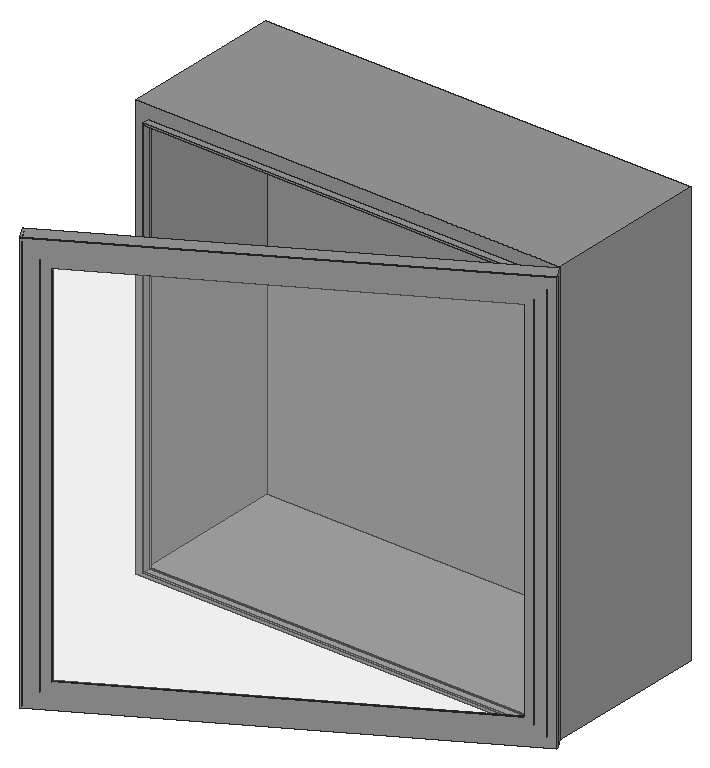
Revit family "Hager-Orion_Inox-IP66-D210-Cl.I-Inox_encl-630A-500mm-NoHosted-CH-en", category Electrical Equipment, Revit 2020
Family settings
  Panel Configuration = Two Columns, Circuits Across
  Round Connector Dimension = Use Diameter
  Part Type = Panelboard
  Work Plane-Based = Yes
  Always vertical = Yes
  Cut with Voids When Loaded = No
  Shared = No
  Room Calculation Point = No
Parameters (values of type "Surface mounted (plaster) IP66 W500 H500 D210  - FL023TWL")
  Width Control [instance] = if([EF000008 - Width] > Min Width, [EF000008 - Width], Min Width)  # 500 mm
  Type Comments = [HG000003 - Range]  # "Orion Inox"
  Thickness Door [instance] = if([EF009171 - Material plate thickness door/cover] > 3 mm, 3 mm, [EF009171 - Material plate thickness door/cover])  # 1.5 mm
  Seal Frame Offset [instance] = 17 mm  # constant formula
  Min Width [instance] = 100 mm  # constant formula
  Min Depth [instance] = (2 * [EF009170 - Material plate thickness cabinet]) + 1 mm  # 4 mm
  Min Height [instance] = 100 mm  # constant formula
  Internal Frame Depth [instance] = -(Door System Depth * 0.5)  # -9 mm
  Panel Name [instance] = ""  # (empty or 0)
  Model = ""
  HG000027 - Plinth height = 0 mm
  HG000026 - Floor standing = no
  HG000024 - Bottom section height = 600 mm
  HG000023 - Double section enclosure = no
  HG000016 - Door 3d visibility [instance] = yes
  HG000015 - Clearance visibility [instance] = no
  HG000014 - Door on the right [instance] = yes
  HG000013 - Door on the left [instance] = not([HG000014 - Door on the right])  # no
  HG000012 - Door swing angle [instance] = 30.00°
  HG000010 - Asymmetric doors = no
  HG000009 - Double swing door = no
  HG000006 - Flush mounted = no
  HG000004 - Manufacturer reference = "FL023TWL"
  HG000003 - Range = "Orion Inox"
  HG000002 - With door or cover = yes
  Frame Offset Bottom [instance] = 10 mm  # constant formula
  Frame Offset [instance] = 15 mm  # constant formula
  EF015940 - Cover with overpressure release = no
  EF011959 - Degree of protection (NEMA) = ""
  EF009554 - Number of openings for flange plates = 0
  EF009212 - Cover model = "EV000116 - Closed"
  EF009171 - Material plate thickness door/cover = 1.5 mm
  EF009170 - Material plate thickness cabinet = 1.5 mm
  EF008873 - Nominal current (In) = 630 A
  EF007800 - Suitable for lightning protection = no
  EF006306 - With lock = yes
  EF006244 - Transparent cover/door = yes
  EF005474 - Degree of protection (IP) = "EV006422 - IP66"
  EF004464 - Type of door = "EV002646 - Single"
  EF004427 - Number of modules = 0
  EF004293 - Impact strength = "EV006814 - IK08"
  EF003532 - Suitable for outdoor use = yes
  EF002950 - Width in number of modular spacings = 0
  EF001613 - Circuit integrity = "EV000494 - None"
  EF001596 - Material housing = "EV000166 - Stainless steel"
  EF001131 - Internal depth = 176 mm
  EF001088 - Extension possible = yes
  EF000437 - Number of conduit inlets = 0
  EF000339 - Type of cover = "EV004216 - Door"
  EF000266 - Number of rows = 0
  EF000218 - Built-in depth = 0 mm
  EF000118 - With mounting plate = no
  EF000116 - RAL-number = ""
  EF000049 - Depth = 210 mm
  EF000040 - Height = 500 mm
  EF000008 - Width = 500 mm
  EF000007 - Colour = "EV000154 - Other"
  EF000003 - Mounting method = "EV000384 - Surface mounted (plaster)"
  Door System Leaf Tolerance [instance] = 1.5 mm  # constant formula
  Door System Depth [instance] = 18 mm  # constant formula
  Description = ""
  Default Elevation = 1219.2 mm
  Connector Offset [instance] = Height Control / 2  # 250 mm
  Manufacturer = "Hager"  # constant formula
  Height Control [instance] = if([EF000040 - Height] > Min Height, [EF000040 - Height], Min Height)  # 500 mm
  Depth Control [instance] = if([EF000049 - Depth] > Min Depth, [EF000049 - Depth], Min Depth)  # 210 mm
Types (8, lengths in mm): name | Width Control | HG000004 - Manufacturer reference | EF009212 - Cover model | EF006306 - With lock | EF006244 - Transparent cover/door | EF004293 - Impact strength | EF001613 - Circuit integrity | EF000008 - Width
  Surface mounted (plaster) IP66 W400 H500 D210  - FL021BW | 400 | "FL021BW" | "EV009916 - With notch" | no | no | "EV008784 - IK10" | "" | 400
  Surface mounted (plaster) IP66 W400 H500 D210  - FL021BWL | 400 | "FL021BWL" | "EV009916 - With notch" | no | no | "EV008784 - IK10" | "" | 400
  Surface mounted (plaster) IP66 W400 H500 D210  - FL021TW | 400 | "FL021TW" | "EV000116 - Closed" | yes | yes | "EV006814 - IK08" | "EV000494 - None" | 400
  Surface mounted (plaster) IP66 W400 H500 D210  - FL021TWL | 400 | "FL021TWL" | "EV000116 - Closed" | yes | yes | "EV006814 - IK08" | "EV000494 - None" | 400
  Surface mounted (plaster) IP66 W500 H500 D210  - FL023BW | 500 | "FL023BW" | "EV000116 - Closed" | yes | no | "EV008784 - IK10" | "EV000494 - None" | 500
  Surface mounted (plaster) IP66 W500 H500 D210  - FL023BWL | 500 | "FL023BWL" | "EV000116 - Closed" | yes | no | "EV008784 - IK10" | "EV000494 - None" | 500
  Surface mounted (plaster) IP66 W500 H500 D210  - FL023TW | 500 | "FL023TW" | "EV000116 - Closed" | yes | yes | "EV006814 - IK08" | "EV000494 - None" | 500
  Surface mounted (plaster) IP66 W500 H500 D210  - FL023TWL | 500 | "FL023TWL" | "EV000116 - Closed" | yes | yes | "EV006814 - IK08" | "EV000494 - None" | 500
Reference planes
  plane 1 "Center (Front/Back)": y = 0
  plane 2: z = 0
  plane 3 "Center (Left/Right)": x = 0
  plane 4: y = 0
  plane 5: y = 0
  plane 6: z = 0
  plane 7: x = -250
  plane 8: x = 250
  plane 9: x = 248.5
  plane 10: x = -248.5
  plane 11: z = 0
  plane 12: z = 1.5
  plane 13: y = -210
  plane 14: y = -1.5
  plane 15: x = 0
  plane 16: y = -192
  plane 17: y = -208.5
  plane 18: y = -190.5
  plane 19: x = -233.5
  plane 20: x = 233.5
  plane 21: z = 11.5
  plane 22: x = -233
  plane 23: x = 233
  plane 24: z = 0
  plane 25: z = 500
  plane 26: z = 500
  plane 27: z = 483.5
  plane 28: z = 498.5
Forms (mm)
  Extrusion 1, solid, material "Hager_Stainless_Steel", detail levels medium+fine
    sketch origin (-208.679, -4572, 0) x (-1, 0, 0) y (0, -1, 0)
      loop
        line (41.321, -4380) -> (-458.679, -4380) -> (-458.679, -4572) -> (41.321, -4572) -> (41.321, -4380)
    from 0 to 500
  Extrusion 2, void
    sketch origin (-350.771, -210, 1219.2) x (1, 0, 0) y (0, 0, 1)
      loop
        line (102.271, -720.7) -> (102.271, -1217.7) -> (599.271, -1217.7) -> (599.271, -720.7) -> (102.271, -720.7)
    from -19.5 to -208.5
  Extrusion 3, void
    sketch origin (-290.084, -192, 1219.2) x (1, 0, 0) y (0, 0, 1)
      loop
        line (56.584, -1207.7) -> (523.584, -1207.7) -> (523.584, -735.7) -> (56.584, -735.7) -> (56.584, -1207.7)
    from 0 to -1.5
  Extrusion 4, solid, material "Hager_Stainless_Steel", detail levels fine
    sketch origin (-290.084, -192, 1219.2) x (-1, 0, 0) y (0, 0, 1)
      loop
        line (-523.584, -1207.7) -> (-56.584, -1207.7) -> (-56.584, -735.7) -> (-523.584, -735.7) -> (-523.584, -1207.7)
      loop
        line (-525.084, -1209.2) -> (-55.084, -1209.2) -> (-55.084, -734.2) -> (-525.084, -734.2) -> (-525.084, -1209.2)
    from 0 to -9 <- "Internal Frame Depth"
  Extrusion 5, solid, material "Hager_Stainless_Steel", detail levels coarse
    sketch origin (0, 0, 0) x (1, 0, 0) y (0, 1, 0)
      loop
        line (-250, 0) -> (-250, -210) -> (250, -210) -> (250, 0) -> (-250, 0)
    from 0 to 500 <- "Height Control"
Cuts and joins
  Extrusion 2, Extrusion 3 cuts Extrusion 1
Lines and regions (mm)
  Masking region 1
    outline origin (0, 0, 0) x (1, 0, 0) y (0, 1, 0)
      loop
        line (-250, 0) -> (-250, -210) -> (250, -210) -> (250, 0) -> (-250, 0)
  Masking region 2
    outline origin (-290.084, -192, 1219.2) x (-1, 0, 0) y (0, 0, 1)
      loop
        line (-540.084, -1219.2) -> (-40.084, -1219.2) -> (-40.084, -719.2) -> (-540.084, -719.2) -> (-540.084, -1219.2)
  Masking region 3, detail levels coarse
    outline origin (0, 0, 0) x (0, 1, 0) y (0, 0, 1)
      loop
        line (0, 0) -> (0, 500) -> (-210, 500) -> (-210, 0) -> (0, 0)
  Masking region 4, detail levels medium+fine
    outline origin (0, 0, 594.038) x (0, 1, 0) y (0, 0, 1)
      loop
        line (0, -594.038) -> (0, -94.038) -> (-192, -94.038) -> (-192, -594.038) -> (0, -594.038)
Dimensions and locks
  locked: plane 1 "Center (Front/Back)" to plane 5
  "EF009170 - Material plate thickness cabinet": plane 7 to plane 10
  "EF009170 - Material plate thickness cabinet": plane 8 to plane 9
  equal spacing: plane 7, plane 3 "Center (Left/Right)", plane 8
  "Width Control": plane 7 to plane 8
  "Depth Control": plane 4 to plane 13
  "EF009170 - Material plate thickness cabinet": plane 4 to plane 14
  "Height Control": plane 25 to level
  "EF009170 - Material plate thickness cabinet": plane 12 to plane 11
  "EF009170 - Material plate thickness cabinet": plane 17 to plane 13
  "EF009170 - Material plate thickness cabinet": plane 18 to plane 16
  "Frame Offset Bottom": plane 21 to plane 12
  "Frame Offset": plane 10 to plane 19
  "Frame Offset": plane 9 to plane 20
  "Door System Depth": plane 16 to plane 13
  "Seal Frame Offset": plane 7 to plane 22
  "Seal Frame Offset": plane 8 to plane 23
  "EF009170 - Material plate thickness cabinet": plane 26 to plane 28
  "Frame Offset": plane 28 to plane 27
  "Connector Offset": plane 2 to connector elem
  "Thickness Door": cut or joined group of Extrusion 1, Extrusion 2, Extrusion 3 to Extrusion 4 sketch curve
  "Thickness Door": Extrusion 4 sketch curve to plane 19
  "Thickness Door": Extrusion 4 sketch curve to plane 20
  "Thickness Door": Extrusion 4 sketch curve to plane 27
  aligned and locked: Extrusion 2 sketch curve to plane 12
  aligned and locked: Extrusion 2 sketch curve to plane 9
  aligned and locked: Extrusion 2 sketch curve to plane 10
  aligned and locked: plane 14 to Extrusion 2
  aligned and locked: plane 4 to Extrusion 1 sketch curve
  aligned and locked: plane 8 to Extrusion 1 sketch curve
  aligned and locked: plane 7 to Extrusion 1 sketch curve
  aligned and locked: Extrusion 2 to plane 18
  aligned and locked: plane 19 to Extrusion 3 sketch curve
  aligned and locked: plane 20 to Extrusion 3 sketch curve
  aligned and locked: Extrusion 3 to Extrusion 2
  aligned and locked: Extrusion 3 sketch curve to plane 21
  aligned and locked: plane 3 "Center (Left/Right)" to nested 1
  aligned and locked: Extrusion 1 sketch curve to plane 16
  aligned and locked: Masking region 1 sketch curve to plane 7
  aligned and locked: Masking region 1 sketch curve to plane 5
  aligned and locked: Masking region 1 sketch curve to plane 8
  aligned and locked: Masking region 2 sketch curve to level
  aligned and locked: level to Masking region 3 sketch curve
  aligned and locked: plane 1 "Center (Front/Back)" to Masking region 3 sketch curve
  aligned and locked: plane 13 to Masking region 3 sketch curve
  aligned and locked: Masking region 2 sketch curve to plane 8
  aligned and locked: Masking region 2 sketch curve to plane 7
  aligned and locked: plane 7 to nested 2
  aligned and locked: nested 2 to plane 5
  aligned and locked: plane 5 to Masking region 4 sketch curve
  aligned and locked: plane 26 to Masking region 4 sketch curve
  aligned and locked: Extrusion 5 sketch curve to plane 8
  aligned and locked: Extrusion 5 sketch curve to plane 7
  aligned and locked: Extrusion 5 sketch curve to plane 5
  aligned and locked: Extrusion 3 sketch curve to plane 27
  aligned and locked: Extrusion 2 sketch curve to plane 28
  aligned and locked: Extrusion 4 sketch curve to plane 27
  aligned and locked: Extrusion 4 sketch curve to plane 20
  aligned and locked: Extrusion 4 sketch curve to plane 21
  aligned and locked: Extrusion 4 sketch curve to plane 19
  aligned and locked: Masking region 2 to plane 25
  aligned and locked: Masking region 4 sketch curve to plane 24
  aligned and locked: Masking region 1 to plane 13
  aligned and locked: nested 1 to plane 16
  aligned and locked: Masking region 3 to plane 25
  aligned and locked: Masking region 4 sketch curve to plane 16
  aligned and locked: plane 24 to plane 11
  aligned and locked: plane 26 to plane 25
  aligned and locked: level to plane 24
  aligned and locked: Extrusion 1 to Masking region 3
  aligned and locked: level to nested 1
Automatic sketch dimensions
  Extrusion 5 sketch curve to plane 13 = 0 mm
  plane 27 to Masking region 2 sketch curve = 16.5 mm
  plane 27 to Masking region 3 sketch curve = 16.5 mm
  Masking region 1 sketch curve to plane 13 = 0 mm
  Extrusion 3 sketch curve to plane 21 = 0 mm
  plane 19 to Extrusion 3 sketch curve = 0 mm
  Extrusion 3 sketch curve to plane 20 = 0 mm
Nested families
  nested 1: "EC000058_OrionInox_Door" at (0, -192, 0), Double <- "HG000009 - Double swing door", Transparent <- "EF006244 - Transparent cover/door", Angle <- "HG000012 - Door swing angle", Door_Right <- "HG000014 - Door on the right", Assymetrical <- "HG000010 - Asymmetric doors", Door <- "HG000002 - With door or cover", Width_Ctrl <- "Width Control", 3d_Door <- "HG000016 - Door 3d visibility", Clearance <- "HG000015 - Clearance visibility", Door_Left <- "HG000013 - Door on the left", Width <- "Width Control", Door_Depth <- "Door System Depth", Leaf_Tolerance <- "Door System Leaf Tolerance", Height <- "Height Control", Thickness <- "Thickness Door", type "EC000058_OrionInox_Door", detail levels medium+fine
    with min_wh 4 mm, Width_Ctrl 500 mm, Width 500 mm, Transparent yes, Thickness 1.5 mm, Seal_Material Hager_Rubber, Leaf_Width 500 mm, Leaf_Tolerance_External_Sides 0 mm, Leaf_Tolerance 1.5 mm, Leaf_Offset 0 mm, Leaf_Height 497 mm, Leaf_2_Width 500 mm, Leaf_2_Offset 250 mm, Leaf_1_Width 500 mm, Leaf_1_Offset 250 mm, Height_Ctrl 500 mm, Height 500 mm, Glass_Material Hager_Glass, Double_Clearance_Ctrl no, Double no, Door_Right_Ctrl yes, Door_Right yes, Door_Material Hager_Stainless_Steel, Door_Left_Ctrl no, Door_Left no, Door_Depth 18 mm, Door yes, Clearance_Material Hager_Clearance, Clearance_Depth 500 mm, Clearance_Ctrl no, Clearance no, Assymetrical no, Angle 30.00°, 3d_Door yes
  nested 2: "Hager_Enclosure_Symbol" at (-250, 0, 0), Height <- "Depth Control", Width <- "Width Control", type "Hager_Enclosure_Symbol"
    with Width_Ctrl 500 mm, Width 500 mm, Height_Ctrl 210 mm, Height 210 mm, A_Width_Int 13.781 mm, A_Width 165.375 mm, A_Height_Ctrl 183.75 mm, A_Height 183.75 mm
Connectors
  electrical at (0, 0, 250)
    settings: on plane 1 "Center (Front/Back)", index 1, voltage 0 V, apparent load 0 VA, apparent load phase1 0 VA, apparent load phase2 0 VA, apparent load phase3 0 VA, power factor 1, load classification "Other", number of poles 1, system type 30, power factor state 1, is connector primary yes, connector utility no, sub classification motor no, connector description ""
Definition of nested family "EC000058_OrionInox_Door"
  Parameters (values of type "EC000058_OrionInox_Door")
    min_wh [instance] = (2 * Thickness) + 1 mm  # 11 mm
    Width_Ctrl [instance] = 400 mm
    Width [instance] = 500 mm
    Transparent [instance] = yes
    Thickness [instance] = 5 mm
    Seal_Material [instance] = none
    Leaf_Width [instance] = if((Width_Ctrl - 2 * Leaf_Tolerance_External_Sides) > 0 mm, (Width_Ctrl - 2 * Leaf_Tolerance_External_Sides), min_wh)  # 400 mm
    Leaf_Tolerance_External_Sides [instance] = 0 mm  # constant formula
    Leaf_Tolerance [instance] = 1.5 mm
    Leaf_Offset [instance] = 0 mm  # constant formula
    Leaf_Height [instance] = if((Height_Ctrl - 2 * Leaf_Tolerance) > 0 mm, (Height_Ctrl - 2 * Leaf_Tolerance), min_wh)  # 497 mm
    Leaf_2_Width [instance] = if(and(and(Double, Assymetrical), Door_Left), (Leaf_Width / 3) - (Leaf_Tolerance / 2), if(and(and(Double, Assymetrical), Door_Right), (Leaf_Width / 3) * 2 - (Leaf_Tolerance / 2), if(and(Double, not(Assymetrical)), (Leaf_Width / 2) - Leaf_Tolerance, Leaf_Width)))  # 400 mm
    Leaf_2_Offset [instance] = if(and(Double, Assymetrical), Leaf_2_Width / 2, if(and(Double, not(Assymetrical)), Leaf_Width / 4, Leaf_Width / 2))  # 200 mm
    Leaf_1_Width [instance] = if(and(and(Double, Assymetrical), Door_Right), (Leaf_Width / 3) - (Leaf_Tolerance / 2), if(and(and(Double, Assymetrical), Door_Left), (Width / 3) * 2 - (Leaf_Tolerance / 2), if(and(Double, not(Assymetrical)), (Leaf_Width / 2) - Leaf_Tolerance, Leaf_Width)))  # 400 mm
    Leaf_1_Offset [instance] = if(and(Double, Assymetrical), Leaf_1_Width / 2, if(and(Double, not(Assymetrical)), Leaf_Width / 4, Leaf_Width / 2))  # 200 mm
    Height_Ctrl [instance] = if(Height > min_wh, Height, min_wh)  # 500 mm
    Height [instance] = 500 mm
    Glass_Material [instance] = none
    Double_Clearance_Ctrl [instance] = and(Double, Clearance)  # no
    Double [instance] = no
    Door_Right_Ctrl [instance] = and(or(Door_Right, Double), Door)  # yes
    Door_Right [instance] = yes
    Door_Material [instance] = none
    Door_Left_Ctrl [instance] = and(or(Door_Left, Double), Door)  # no
    Door_Left [instance] = no
    Door_Depth [instance] = 30 mm
    Door [instance] = yes
    Default Elevation = 1219.2 mm
    Clearance_Material [instance] = none
    Clearance_Depth [instance] = if(Leaf_1_Width > Leaf_2_Width, Leaf_1_Width, Leaf_2_Width)  # 400 mm
    Clearance_Ctrl [instance] = and(not(Double), Clearance)  # yes
    Clearance [instance] = yes
    Assymetrical [instance] = yes
    Angle [instance] = 30.00°
    3d_Door [instance] = yes
  Reference planes
    plane 1 "Center (Front/Back)": y = 0
    plane 2 "Bottom": z = 0
    plane 3 "Center (Left/Right)": x = 0
    plane 4: z = 500
    plane 5: x = -200
    plane 6: x = 200
    plane 7: z = 500
    plane 8: x = -200
    plane 9: z = 0
    plane 10: x = 200
    plane 11: y = 0
    plane 12: z = 1.5
    plane 13: x = -600
    plane 14: y = -400
    plane 15: x = 600
    plane 16: x = 0
    plane 17: x = 0
    plane 18: x = -200
    plane 19: x = 200
    plane 20: z = 498.5
  Forms (mm)
    Extrusion 1, solid, material <- "Clearance_Material", visible <- "Double_Clearance_Ctrl"
      sketch origin (1200, 0, 0) x (1, 0, 0) y (0, 0, -1)
        loop
          line (-1800, -498.5) -> (-600, -498.5) -> (-600, 0) -> (-1800, 0) -> (-1800, -498.5)
      from 0 to -400
  Dimensions and locks
    equal spacing: plane 5, plane 3 "Center (Left/Right)", plane 6
    "Width_Ctrl": plane 5 to plane 6
    "Leaf_Offset": plane 5 to plane 8
    "Leaf_Offset": plane 6 to plane 10
    "Leaf_Offset": plane 9 to level
    "Leaf_Offset": plane 4 to plane 7
    "Height_Ctrl": plane 4 to level
    "Leaf_Tolerance": plane 12 to plane 9
    locked: plane 11 to plane 1 "Center (Front/Back)"
    "Leaf_1_Offset": plane 18 to plane 16
    "Leaf_2_Offset": plane 17 to plane 19
    "Leaf_1_Width": plane 13 to plane 8
    "Leaf_2_Width": plane 10 to plane 15
    "Clearance_Depth": plane 14 to plane 1 "Center (Front/Back)"
    "Leaf_Tolerance_External_Sides": plane 8 to plane 18
    "Leaf_Tolerance_External_Sides": plane 19 to plane 10
    "Leaf_Tolerance": plane 7 to plane 20
    aligned and locked: level to plane 2 "Bottom"
    aligned and locked: nested 1 to plane 16
    aligned and locked: nested 2 to plane 17
    aligned and locked: Extrusion 1 to plane 13
    aligned and locked: plane 15 to Extrusion 1
    aligned and locked: Extrusion 1 to plane 14
    aligned and locked: plane 12 to nested 1
    aligned and locked: nested 2 to plane 12
    aligned and locked: Extrusion 1 to plane 11
    aligned and locked: plane 20 to Extrusion 1
    aligned and locked: nested 2 to plane 11
    aligned and locked: nested 1 to plane 11
  Automatic sketch dimensions
    Extrusion 1 sketch curve to level = 0 mm
    plane 5 to Extrusion 1 sketch curve = 400 mm
    plane 6 to Extrusion 1 sketch curve = 400 mm
    Extrusion 1 sketch curve to plane 4 = 1.5 mm
  Nested families
    nested 1: "EC000058_OrionInox_Door_Leaf" at (0, 0, 1.5), Width <- "Leaf_1_Width", visible <- "Door_Left_Ctrl", Leaf_Height <- "Leaf_Height", Angle <- "Angle", 3d_Door <- "3d_Door", Transparent <- "Transparent", Clearance Material <- "Clearance_Material", Clearance <- "Clearance_Ctrl", Door_Material <- "Door_Material", Glass_Material <- "Glass_Material", Door_Depth <- "Door_Depth", Seal_Material <- "Seal_Material", Thickness <- "Thickness", type "EC000058_OrionInox_Door_Leaf"
      with Width 400 mm, Transparent_Ctrl yes, Transparent yes, Thickness 5 mm, Standard no, Seal_Material none, Seal_D2 8 mm, Seal_D1 1 mm, Offset_Internal_Frame 10 mm, Lock_Width 28 mm, Lock_Thickness 2 mm, Lock_Radius 6 mm, Leaf_Height 497 mm, Internal_Seal_Thickness 8 mm, Internal_Seal_Depth_2 4.5 mm, Internal_Frame_Depth 25 mm, Glass_Thickness -1 mm, Glass_Offset -2 mm, Glass_Material none, Door_Material none, Door_Depth 30 mm, Clearance Material none, Clearance yes, Angle_Ctrl 30.00°, Angle 30.00°, 3d_Door yes
    nested 2: "EC000058_OrionInox_Door_Leaf" at (0, 0, 1.5) x (-1, 0, 0) z (0, 0, 1), Width <- "Leaf_2_Width", visible <- "Door_Right_Ctrl", Leaf_Height <- "Leaf_Height", Angle <- "Angle", 3d_Door <- "3d_Door", Transparent <- "Transparent", Clearance Material <- "Clearance_Material", Clearance <- "Clearance_Ctrl", Door_Material <- "Door_Material", Glass_Material <- "Glass_Material", Door_Depth <- "Door_Depth", Seal_Material <- "Seal_Material", Thickness <- "Thickness", type "EC000058_OrionInox_Door_Leaf"
      with Width 400 mm, Transparent_Ctrl yes, Transparent yes, Thickness 5 mm, Standard no, Seal_Material none, Seal_D2 8 mm, Seal_D1 1 mm, Offset_Internal_Frame 10 mm, Lock_Width 28 mm, Lock_Thickness 2 mm, Lock_Radius 6 mm, Leaf_Height 497 mm, Internal_Seal_Thickness 8 mm, Internal_Seal_Depth_2 4.5 mm, Internal_Frame_Depth 25 mm, Glass_Thickness -1 mm, Glass_Offset -2 mm, Glass_Material none, Door_Material none, Door_Depth 30 mm, Clearance Material none, Clearance yes, Angle_Ctrl 30.00°, Angle 30.00°, 3d_Door yes
  Definition of nested family "EC000058_OrionInox_Door_Leaf"
    Parameters (values of type "EC000058_OrionInox_Door_Leaf")
      Width [instance] = 450 mm
      Transparent_Ctrl [instance] = and(Transparent, [3d_Door])  # yes
      Transparent [instance] = yes
      Thickness [instance] = 5 mm
      Standard [instance] = and(not(Transparent), [3d_Door])  # no
      Seal_Material [instance] = none
      Seal_D2 [instance] = 8 mm  # constant formula
      Seal_D1 [instance] = 1 mm  # constant formula
      Offset_Internal_Frame [instance] = 10 mm  # constant formula
      Lock_Width [instance] = Door_Depth - Lock_Thickness  # 28 mm
      Lock_Thickness [instance] = 2 mm  # constant formula
      Lock_Radius [instance] = 6 mm  # constant formula
      Leaf_Height [instance] = 450 mm
      Internal_Seal_Thickness [instance] = 8 mm  # constant formula
      Internal_Seal_Depth_2 [instance] = 4.5 mm  # constant formula
      Internal_Frame_Depth [instance] = if(Door_Depth - Thickness > 5 mm, Door_Depth - Thickness, 5 mm)  # 25 mm
      Glass_Thickness [instance] = if(Thickness > 15 mm, Glass_Offset + 10 mm, -1 mm)  # -1 mm
      Glass_Offset [instance] = if(Thickness > 15 mm, -(Thickness + 10 mm) / 2, -2 mm)  # -2 mm
      Glass_Material [instance] = none
      Door_Material [instance] = none
      Door_Depth [instance] = 30 mm
      Default Elevation = 0 mm
      Clearance Material [instance] = none
      Clearance [instance] = yes
      Angle_Ctrl [instance] = if(Angle > 180.00°, 180.00°, Angle)  # 90.00°
      Angle [instance] = 90.00°
      3d_Door [instance] = yes
    Reference planes
      plane 1 "Center (Front/Back)": y = 0
      plane 2: z = 0
      plane 3 "Center (Left/Right)": x = 0
      plane 4: y = 450
      plane 5: x = -225
      plane 6: x = 225
      plane 7: x = -675
      plane 8: z = 450
      plane 9: z = 30
      plane 10: z = 420
      plane 11: x = 195
      plane 12: x = -195
      plane 13: y = -3
      plane 14: z = 107.833
      plane 15: y = -5
      plane 16: y = -223.314
      plane 17: x = -225
      plane 18: y = 30
    Forms (mm)
      Extrusion 1, solid, material <- "Clearance Material", visible <- "Clearance"
        sketch origin (0, 0, 0) x (1, 0, 0) y (0, 0, 1)
          loop
            line (-675, 450) -> (-675, 0) -> (225, 0) -> (225, 450) -> (-675, 450)
        from 0 to -450
      Extrusion 2, solid, material <- "Door_Material", visible <- "Standard", detail levels medium+fine
        sketch origin (-225, 0, 0) x (0, 1, 0) y (-1, 0, 0)
          loop
            line (0, 30) -> (0, 25) -> (450, 25) -> (450, 30) -> (0, 30)
        from 0 to 450 <- "Leaf_Height"
      Extrusion 3, solid, material <- "Door_Material", visible <- "Transparent_Ctrl", detail levels medium+fine
        sketch origin (-225, 0, 0) x (0, 1, 0) y (-1, 0, 0)
          loop
            line (0, 25) -> (450, 25) -> (450, 30) -> (0, 30) -> (0, 25)
        from 0 to 450 <- "Leaf_Height"
      Extrusion 4, void
        sketch origin (-250, 450, 0) x (0, 1, 0) y (0, 0, -1)
          loop
            line (-30, -420) -> (-30, -30) -> (-420, -30) -> (-420, -420) -> (-30, -420)
        from 0 to 5 <- "Thickness"
      Sweep 5, solid, material <- "Seal_Material", visible <- "Transparent_Ctrl", detail levels fine
        path in 3D
          loop
            line (-250, 30, 30) -> (-250, 30, 420) -> (-250, 420, 420) -> (-250, 420, 30) -> (-250, 30, 30)
        profile origin (-250, 225, 30) x (1, 0, 0) y (0, 0, 1)
          loop
            line (0, 0) -> (0, -8) -> (1, -8) -> (1, 0) -> (0, 0)
      Extrusion 6, solid, material <- "Glass_Material", visible <- "Transparent_Ctrl", detail levels medium+fine
        sketch origin (-255, 0, 0) x (0, 1, 0) y (0, 0, -1)
          loop
            line (420, -420) -> (420, -30) -> (30, -30) -> (30, -420) -> (420, -420)
        from -2 <- "Glass_Offset" to -1 <- "Glass_Thickness"
      Extrusion 7, solid, material <- "Door_Material", visible <- "3d_Door", detail levels medium+fine
        sketch origin (-250, 450, 0) x (0, -1, 0) y (0, 0, -1)
          loop
            line (0, -450) -> (450, -450) -> (450, 0) -> (0, 0) -> (0, -450)
          loop
            line (445, -5) -> (5, -5) -> (5, -445) -> (445, -445) -> (445, -5)
        from 0 to 25 <- "Internal_Frame_Depth"
      Sweep 8, solid, material <- "Seal_Material", visible <- "Transparent_Ctrl", detail levels fine
        path in 3D
          loop
            line (-250, 0, 0) -> (-250, 450, 0) -> (-250, 450, 450) -> (-250, 0, 450) -> (-250, 0, 0)
        profile origin (-250, 0, 225) x (1, 0, 0) y (0, 1, 0)
          loop
            line (0, 10) -> (2.975, 10)
            arc (2.975, 10) -> (4.053, 10.447) -> (4.5, 11.525) r 1.525
            line (4.5, 11.525) -> (4.5, 16.527)
            arc (4.5, 16.527) -> (4.069, 17.569) -> (3.027, 18) r 1.473
            line (3.027, 18) -> (0, 18) -> (0, 10)
    Cuts and joins
      Extrusion 4 cuts Extrusion 3
    Lines and regions (mm)
      Masking region 1, detail levels medium+fine
        outline origin (0, 0, 0) x (0, 1, 0) y (0, 0, 1)
          loop
            line (0, 0) -> (30, 0) -> (30, 450) -> (0, 450) -> (0, 0)
      Masking region 2, detail levels medium+fine
        outline origin (0, 0, 0) x (1, 0, 0) y (0, 0, 1)
          loop
            line (-225, 450) -> (-225, 0) -> (225, 0) -> (225, 450) -> (-225, 450)
      symbolic lines
        curve 1: line (225, 0, 0) -> (-675, 0, 0)
        curve 2: arc (225, 0, 0) -> (-225, 450, 0) -> (-675, 0, 0) r 450
        curve 4: line (-255, 0, 0) -> (-255, 450, 0)
      reference lines
        curve 3: line (-225, 0, 0) -> (-225, 450, 0)
      symbolic lines, detail levels medium+fine
        curve 5: line (-255, 450, 0) -> (-250, 450, 0)
        curve 7: line (-250, 0, 0) -> (-255, 0, 0)
        curve 8: line (-250, 0, 0) -> (-225, 0, 0)
        curve 9: line (-225, 0, 0) -> (-225, 450, 0)
        curve 10: line (-225, 450, 0) -> (-250, 450, 0)
      symbolic lines, detail levels fine
        curve 6: line (-250, 450, 0) -> (-250, 0, 0)
      sketch lines
        curve 11: line (-250, 0, 450) -> (-250, 0, 0)
        curve 12: line (-250, 450, 0) -> (-250, 0, 0)
        curve 13: line (-250, 450, 450) -> (-250, 450, 0)
        curve 14: line (-250, 0, 450) -> (-250, 450, 450)
        curve 15: line (-250, 420, 30) -> (-250, 30, 30)
        curve 16: line (-250, 30, 30) -> (-250, 30, 420)
        curve 17: line (-250, 420, 420) -> (-250, 420, 30)
        curve 18: line (-250, 30, 420) -> (-250, 420, 420)
      symbolic lines, visible <- "Transparent", detail levels medium+fine
        curve 19: line (-195, 0, 420) -> (195, 0, 420)
        curve 20: line (-195, 0, 30) -> (-195, 0, 420)
        curve 21: line (195, 0, 30) -> (-195, 0, 30)
        curve 22: line (195, 0, 420) -> (195, 0, 30)
    Dimensions and locks
      "Width": plane 1 "Center (Front/Back)" to plane 4
      equal spacing: plane 5, plane 3 "Center (Left/Right)", plane 6
      "Width": plane 5 to plane 6
      "Width": plane 7 to plane 5
      "Leaf_Height": plane 8 to level
      "Width": curve 5 to curve 3
      "Width": curve 3 to curve 3
      plane 8 to plane 10 = 30 mm
      plane 9 to level = 30 mm
      plane 12 to plane 5 = 30 mm
      plane 6 to plane 11 = 30 mm
      Extrusion 4 sketch curve to Extrusion 3 = 30 mm
      Extrusion 3 to Extrusion 4 sketch curve = 30 mm
      Extrusion 1 to Extrusion 4 sketch curve = 30 mm
      curve 3 to Extrusion 4 sketch curve = 30 mm
      Extrusion 4 sketch curve to cut or joined group of Extrusion 3, Extrusion 4 = 30 mm
      cut or joined group of Extrusion 3, Extrusion 4 to Extrusion 6 sketch curve = 30 mm
      cut or joined group of Extrusion 3, Extrusion 4 to Extrusion 4 sketch curve = 30 mm
      "Thickness": curve 6 to curve 4
      "Thickness": Extrusion 7 sketch curve to Extrusion 7 sketch curve  (x4)
      "Door_Depth": curve 4 to curve 3
      "Offset_Internal_Frame": profile plane to Sweep 8 sketch curve
      "Internal_Seal_Thickness": Sweep 8 sketch curve to Sweep 8 sketch curve
      "Internal_Seal_Depth_2": profile plane to Sweep 8 sketch curve
      "Seal_D1": profile plane to Sweep 5 sketch curve
      "Seal_D2": profile plane to Sweep 5 sketch curve
      "Thickness": Extrusion 2 sketch curve to Extrusion 2 sketch curve
      "Door_Depth": plane 18 to plane 1 "Center (Front/Back)"
      radius of Sweep 8 sketch curve = 1.525 mm
      radius of Sweep 8 sketch curve = 1.473 mm
      "Angle_Ctrl": angle plane 1 "Center (Front/Back)" to curve 3
      aligned and locked: level to plane 2
      aligned and locked: Extrusion 1 to curve 1
      aligned and locked: plane 6 to Extrusion 1
      aligned and locked: plane 1 "Center (Front/Back)" to Extrusion 1
      aligned and locked: plane 4 to Extrusion 1
      aligned and locked: plane 8 to Extrusion 1
      aligned and locked: curve 7 to Extrusion 2 sketch curve
      aligned and locked: curve 5 to Extrusion 2 sketch curve
      aligned and locked: curve 7 to Extrusion 3 sketch curve
      aligned and locked: Extrusion 3 sketch curve to curve 4
      aligned and locked: Extrusion 3 sketch curve to curve 6
      aligned and locked: Extrusion 3 sketch curve to curve 5
      aligned and locked: curve 9 to curve 3
      aligned and locked: Extrusion 7 sketch curve to cut or joined group of Extrusion 3, Extrusion 4  (x4)
      aligned and locked: plane 17 to curve 3
      aligned and locked: plane 1 "Center (Front/Back)" to curve 3
      aligned and locked: plane 17 to plane 5
      aligned and locked: Sweep 8 sketch curve to profile plane
      aligned and locked: Sweep 5 sketch curve to profile plane  (x2)
      aligned and locked: plane 1 "Center (Front/Back)" to Masking region 1 sketch curve
      aligned and locked: plane 18 to Masking region 1 sketch curve
      aligned and locked: level to Masking region 1 sketch curve
      aligned and locked: Masking region 1 sketch curve to plane 8
      aligned and locked: plane 17 to Masking region 2 sketch curve
      aligned and locked: level to Masking region 2 sketch curve
      aligned and locked: Masking region 2 sketch curve to plane 8
      aligned and locked: plane 12 to curve 20
      aligned and locked: plane 10 to curve 19
      aligned and locked: plane 11 to curve 22
      aligned and locked: plane 9 to curve 21
      aligned and locked: Extrusion 2 sketch curve to cut or joined group of Extrusion 3, Extrusion 4
    Automatic sketch dimensions
      plane 1 "Center (Front/Back)" to curve 2 = 0 mm
      curve 2 to plane 5 = 0 mm
      Extrusion 1 sketch curve to level = 0 mm
      Extrusion 1 sketch curve to plane 7 = 0 mm
      Extrusion 1 sketch curve to plane 6 = 0 mm
      Extrusion 1 sketch curve to plane 8 = 0 mm
      Extrusion 3 to Extrusion 6 sketch curve = 30 mm  (x4)
      Masking region 2 sketch curve to plane 6 = 0 mm
      curve 4 to curve 3 = 0 mm
Definition of nested family "Hager_Enclosure_Symbol"
  Parameters (values of type "Hager_Enclosure_Symbol")
    Width_Ctrl [instance] = if(Width > 1 mm, Width, 1 mm)  # 102.27 mm
    Width [instance] = 102.27 mm
    Height_Ctrl [instance] = if(Height > 1 mm, Height, 1 mm)  # 66.5 mm
    A_Width_Int [instance] = if(A_Width / 12 > 2 mm, A_Width / 12, 2 mm)  # 4.364 mm
    A_Width [instance] = if(A_Height_Ctrl * 0.9 > 2 mm, A_Height_Ctrl * 0.9, 2 mm)  # 52.369 mm
    A_Height_Ctrl [instance] = if(A_Height > 2 mm, A_Height, 2 mm)  # 58.188 mm
    Height [instance] = 66.5 mm
    A_Height [instance] = Height - (Height / 8)  # 58.188 mm
  Reference planes
    plane 1 "Centre (avant/arrière)": y = 0
    plane 2: z = 0
    plane 3 "Centre (gauche/droite)": x = 0
    plane 4: x = 52.369
    plane 5: y = 33.042
    plane 6: y = 41.77
    plane 7: y = 66.5
    plane 8: x = 26.184
    plane 9: y = 37.406
    plane 10: x = 102.27
    plane 11: y = 66.5
    plane 12: y = 8.313
  Lines and regions (mm)
    Filled region 1, type "Solid_Black", in view "Niveau de réf."
      outline origin (0, 0, 0) x (1, 0, 0) y (0, 1, 0)
        loop
          line (52.369, 66.5) -> (33.188, 54.536) -> (45.365, 45.006) -> (52.369, 66.5)
    Filled region 2, type "Solid_Black", in view "Niveau de réf."
      outline origin (0, 0, 0) x (1, 0, 0) y (0, 1, 0)
        loop
          line (0, 0) -> (102.27, 0) -> (102.27, 66.5) -> (0, 0)
    detail lines, in view "Niveau de réf."
      curve 1: line (0, 8.313, 0) -> (26.184, 41.77, 0)
      curve 2: line (26.184, 41.77, 0) -> (26.184, 33.042, 0)
      curve 3: line (26.184, 33.042, 0) -> (52.369, 66.5, 0)
  Dimensions and locks
    "A_Width": plane 3 "Centre (gauche/droite)" to plane 4
    equal spacing: plane 3 "Centre (gauche/droite)", plane 8, plane 4
    equal spacing: plane 6, plane 9, plane 5
    equal spacing: curve 3, Filled region 1 sketch curve, Filled region 1 sketch curve
    "Height_Ctrl": plane 1 "Centre (avant/arrière)" to plane 11
    "A_Height_Ctrl": plane 11 to plane 12
    equal spacing: plane 11, plane 9, plane 12
    "A_Width_Int": plane 6 to plane 9
    "Width_Ctrl": plane 3 "Centre (gauche/droite)" to plane 10
    angle Filled region 1 sketch curve to curve 3 = 20.00°
    angle curve 3 to Filled region 1 sketch curve = 20.00°
    locked: curve 3 to Filled region 1 sketch curve (angle 90.00°)
    aligned and locked: plane 10 to Filled region 2
    aligned and locked: plane 11 to Filled region 2 sketch curve
    aligned and locked: plane 10 to Filled region 2 sketch curve
    aligned and locked: plane 3 "Centre (gauche/droite)" to curve 1
    aligned and locked: plane 12 to curve 1
    aligned and locked: plane 7 to plane 11
  Automatic sketch dimensions
    Filled region 1 sketch curve to plane 4 = 0 mm
    Filled region 1 sketch curve to plane 7 = 0 mm
    plane 1 "Centre (avant/arrière)" to Filled region 2 sketch curve = 0 mm
    Filled region 2 sketch curve to plane 3 "Centre (gauche/droite)" = 0 mm
    curve 2 to plane 6 = 0 mm
    curve 2 to plane 8 = 0 mm
    curve 3 to plane 4 = 0 mm
    curve 2 to plane 5 = 0 mm
    curve 3 to plane 7 = 0 mm
